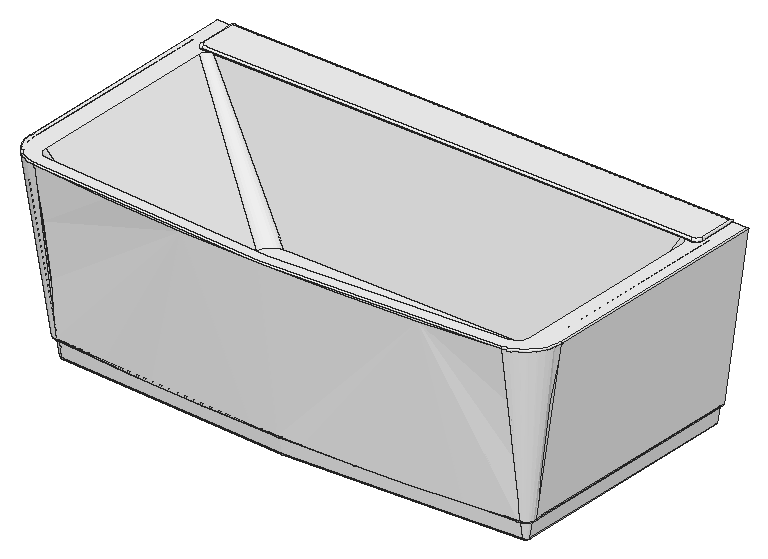
Revit family "xBathtub-American_Standard-Townsend-2691.004", category Plumbing Fixtures, Revit 2014
Parameters (values of type "2691.004")
  Width = 36"  # constant formula
  Waste Connection Radius = 1 3/32"
  Waste Connection Diameter = Waste Connection Radius * 2  # 2 3/16"
  Waste Connection = yes
  Warranty Information = "Limited Lifetime Warranty. 3 Years Commercial."  # constant formula
  WFU = 4  # constant formula
  Vent Connection = no
  URL = "https://www.americanstandard-us.com/"
  Type Comments = "Straight back wall allows for a flush-to-the-wall installation."
  Shipping Weight = 151 lbf
  Product Page URL = "https://www.americanstandard-us.com/bathroom/bathtubs/townsend-freestanding-tub-31890"
  Product Documentation Link = "https://www.americanstandard-us.com/-/media/sites/asus/files/product-specs/bathtubs/2017/specsheet-2691004.pdf?la=en"
  Price = "Prices may vary. Please consult Manufacturer Representative for most up-to-date price list."  # constant formula
  Model = "2691.004"  # constant formula
  Material = "High Gloss Acrylic-American Standard-020-White"  # constant formula
  Manufacturer = "American Standard"  # constant formula
  Length = 67 15/16"  # constant formula
  Installation Type = "Freestanding"  # constant formula
  Height = 24"  # constant formula
  HWFU = 3  # constant formula
  HW Connection = yes
  Description = "American Standard Townsend Freestanding Tub"  # constant formula
  Default Elevation = 0"
  Creation Date = "08/31/2017"  # constant formula
  CWFU = 3  # constant formula
  CW Connection = yes
  Assembly Code = "D2010510"
Reference planes (in)
  plane 1 "Center (Front/Back)": y = 0
  plane 2: z = 0
  plane 3 "Center (Left/Right)": x = 0
  plane 4: x = 33.96875
  plane 5: x = -33.96875
  plane 6: y = -36
  plane 7: z = 24
  plane 8: z = 3.35
  plane 9: z = 6.4375
  plane 10: y = -18
  plane 11: x = 1.09375
  plane 12: x = -1.09375
  plane 13: z = 21.8125
  plane 14: x = -1.5625
  plane 15: x = 1.5625
  plane 16: y = -8
  plane 17: y = -28
  plane 18: y = -4.75
  plane 19: x = 33.53553
  plane 20: x = 30.91053
  plane 21: z = 24.3
  plane 22: x = -30.91053
  plane 23: x = -33.53553
Forms (in)
  Sweep 1, solid, material "High Gloss Acrylic-American Standard-020-White"
    path origin (0, 0, 0) x (1, 0, 0) y (0, 1, 0)
      loop
        line (-29.46875, 4.63748) -> (-29.46875, -29.86252)
        arc (-29.46875, -29.86252) -> (-29.46077, -29.88338) -> (-29.44089, -29.89358) r 0.03125
        arc (-29.44089, -29.89358) -> (0, -31.49725) -> (29.44089, -29.89358) r 271.04629
        arc (29.44089, -29.89358) -> (29.46077, -29.88338) -> (29.46875, -29.86252) r 0.03125
        line (29.46875, -29.86252) -> (29.46875, 4.63748)
    profile origin (-29.46875, -12.61252, 0) x (1, 0, 0) y (0, 0, 1)
      loop
        arc (-4.35, 24) -> (-4.46758, 23.94314) -> (-4.49602, 23.81568) r 0.15
        arc (-4.49602, 23.81568) -> (-2.47449, 13.28697) -> (-1.3254, 2.62771) r 130.29369
        line (-1.3254, 2.62771) -> (-0.625, 2.62771) -> (-0.625, 2.75271) -> (-0.89692, 2.75271)
        arc (-0.89692, 2.75271) -> (-2.09533, 13.24524) -> (-4.09675, 23.61459) r 137.2827
        arc (-4.09675, 23.61459) -> (-4.05632, 23.79471) -> (-3.89009, 23.875) r 0.21221
        line (-3.89009, 23.875) -> (-3, 23.875) -> (-3, 24) -> (-4.35, 24)
  Sweep 2, solid, material "High Gloss Acrylic-American Standard-020-White"
    path origin (0, 0, 0) x (1, 0, 0) y (0, 1, 0)
      loop
        line (30.79415, 4.63748) -> (30.79415, -29.86252)
        arc (30.79415, -29.86252) -> (30.44755, -30.76822) -> (29.58486, -31.21114) r 1.35665
        arc (29.58486, -31.21114) -> (0, -32.82265) -> (-29.58486, -31.21114) r 272.37169
        arc (-29.58486, -31.21114) -> (-30.44755, -30.76822) -> (-30.79415, -29.86252) r 1.35665
        line (-30.79415, -29.86252) -> (-30.79415, 4.63748)
    profile origin (0, -32.82265, 0) x (0, -1, 0) y (0, 0, 1)
      loop
        line (-0.81507, 0.20659) -> (-0.46641, 2.18396)
        arc (-0.46641, 2.18396) -> (-0.37281, 2.35381) -> (-0.19486, 2.43092) r 0.3
        arc (-0.19486, 2.43092) -> (-0.06092, 2.49316) -> (0, 2.62771) r 0.21228
        line (0, 2.62771) -> (-1.13515, 2.62771) -> (-1.13515, 0) -> (-1.06127, 0)
        arc (-1.06127, 0) -> (-0.90058, 0.05849) -> (-0.81507, 0.20659) r 0.25
  Blend 3, void
    base sketch origin (0, 0, 0) x (1, 0, 0) y (0, 1, 0)
      loop
        line (18.96875, -8) -> (-18.96875, -8)
        arc (-18.96875, -8) -> (-20.38296, -8.58579) -> (-20.96875, -10) r 2
        line (-20.96875, -10) -> (-20.96875, -26)
        arc (-20.96875, -26) -> (-20.38296, -27.41421) -> (-18.96875, -28) r 2
        line (-18.96875, -28) -> (18.96875, -28)
        arc (18.96875, -28) -> (20.38296, -27.41421) -> (20.96875, -26) r 2
        line (20.96875, -26) -> (20.96875, -10)
        arc (20.96875, -10) -> (20.38296, -8.58579) -> (18.96875, -8) r 2
    top sketch origin (0, 0, 0) x (1, 0, 0) y (0, 1, 0)
      loop
        arc (-29.91053, -5.68159) -> (-30.61764, -5.97448) -> (-30.91053, -6.68159) r 1
        line (-30.91053, -6.68159) -> (-30.91053, -31.15796)
        arc (-30.91053, -31.15796) -> (-30.53428, -32.15154) -> (-29.59427, -32.64666) r 1.5
        arc (-29.59427, -32.64666) -> (0, -34.466) -> (29.59427, -32.64666) r 241.60691
        arc (29.59427, -32.64666) -> (30.53428, -32.15154) -> (30.91053, -31.15796) r 1.5
        line (30.91053, -31.15796) -> (30.91053, -6.68159)
        arc (30.91053, -6.68159) -> (30.61764, -5.97448) -> (29.91053, -5.68159) r 1
        line (29.91053, -5.68159) -> (-29.91053, -5.68159)
    from 6.4375 to 24
  Extrusion 4, solid, material "High Gloss Acrylic-American Standard-020-White"
    sketch origin (0, 0, 0) x (1, 0, 0) y (0, 1, 0)
      loop
        arc (-29.46156, -30.0827) -> (0, -31.6875) -> (29.46156, -30.0827) r 271.23654
        arc (29.46156, -30.0827) -> (29.60241, -30.01039) -> (29.659, -29.86252) r 0.2215
        line (29.659, -29.86252) -> (29.659, 0) -> (-29.659, 0) -> (-29.659, -29.86252)
        arc (-29.659, -29.86252) -> (-29.60241, -30.01039) -> (-29.46156, -30.0827) r 0.2215
    from 0 to 2.62771
  Revolve 5, void
    sketch origin (0, -18, 0) x (1, 0, 0) y (0, 0, 1)
      loop
        arc (1.09375, 5.80656) -> (1.12262, 5.89483) -> (1.19807, 5.94899) r 0.1494
        arc (1.19807, 5.94899) -> (1.29571, 6.01965) -> (1.33185, 6.13463) r 0.19165
        arc (1.33185, 6.13463) -> (1.41759, 6.34851) -> (1.63013, 6.4375) r 0.29831
        line (1.63013, 6.4375) -> (0, 6.4375) -> (0, 0) -> (1.09375, 0) -> (1.09375, 5.80656)
      axis (0, 6.4375) -> (0, 0)
    angle from 0 to 360
  Extrusion 6, void
    sketch origin (0, 0, 0) x (1, 0, 0) y (0, 0, 1)
      loop
        line (1.3125, 22.0625) -> (-1.3125, 22.0625)
        arc (-1.3125, 22.0625) -> (-1.5625, 21.8125) -> (-1.3125, 21.5625) r 0.25
        line (-1.3125, 21.5625) -> (1.3125, 21.5625)
        arc (1.3125, 21.5625) -> (1.5625, 21.8125) -> (1.3125, 22.0625) r 0.25
    from 32.33355 to 34.22201
  Extrusion 7, solid, material "High Gloss Acrylic-American Standard-020-White"
    sketch origin (-102, 0, 0) x (1, 0, 0) y (0, 1, 0)
      loop
        arc (69.53125, -29.86252) -> (70.30567, -31.88618) -> (72.23325, -32.87583) r 3.03125
        arc (72.23325, -32.87583) -> (102, -34.49725) -> (131.76675, -32.87583) r 274.04629
        arc (131.76675, -32.87583) -> (133.69433, -31.88618) -> (134.46875, -29.86252) r 3.03125
        line (134.46875, -29.86252) -> (134.46875, 4.625) -> (69.53125, 4.625) -> (69.53125, -29.86252)
    from 21.8125 to 24
  Blend 8, solid, material "High Gloss Acrylic-American Standard-020-White"
    base sketch origin (0, 0, 0) x (1, 0, 0) y (0, 1, 0)
      loop
        line (30.09375, -29.86252) -> (30.09375, 4.63748) -> (-30.09375, 4.63748) -> (-30.09375, -29.86252)
        arc (-30.09375, -29.86252) -> (-29.92609, -30.30063) -> (-29.50878, -30.51489) r 0.65625
        arc (-29.50878, -30.51489) -> (0, -32.12225) -> (29.50878, -30.51489) r 271.67129
        arc (29.50878, -30.51489) -> (29.92609, -30.30063) -> (30.09375, -29.86252) r 0.65625
    top sketch origin (0, 0, 0) x (1, 0, 0) y (0, 1, 0)
      loop
        arc (-32.46875, -29.86252) -> (-31.69433, -31.88618) -> (-29.76675, -32.87583) r 3.03125
        arc (-29.76675, -32.87583) -> (0, -34.49725) -> (29.76675, -32.87583) r 274.04629
        arc (29.76675, -32.87583) -> (31.69433, -31.88618) -> (32.46875, -29.86252) r 3.03125
        line (32.46875, -29.86252) -> (32.46875, 4.625) -> (-32.46875, 4.625) -> (-32.46875, -29.86252)
    from 2.62771 to 21.8125
  Extrusion 9, void
    sketch origin (0, 0, 0) x (0, 1, 0) y (0, 0, 1)
      loop
        line (0, -0.25) -> (4.69599, -0.25) -> (4.69599, 24.37678) -> (0, 24.37678) -> (0, -0.25)
    from 34.02378 to -34.01556
  Sweep 10, solid, material "High Gloss Acrylic-American Standard-020-White"
    path origin (0, 0, 0) x (1, 0, 0) y (0, 1, 0)
      loop
        line (-32.03198, 4.63748) -> (-32.03198, -4.93159)
        arc (-32.03198, -4.93159) -> (-31.81231, -5.46192) -> (-31.28198, -5.68159) r 0.75
        line (-31.28198, -5.68159) -> (31.28198, -5.68159)
        arc (31.28198, -5.68159) -> (31.81231, -5.46192) -> (32.03198, -4.93159) r 0.75
        line (32.03198, -4.93159) -> (32.03198, 4.63748)
    profile origin (-32.03198, -0.14705, 0) x (1, 0, 0) y (0, 0, 1)
      loop
        line (0, 24.05) -> (0, 24) -> (0.31673, 24) -> (0.31673, 24.3) -> (0.25, 24.3)
        arc (0.25, 24.3) -> (0.07322, 24.22678) -> (0, 24.05) r 0.25
  Extrusion 11, solid, material "High Gloss Acrylic-American Standard-020-White"
    sketch origin (0, 0, 0) x (1, 0, 0) y (0, 1, 0)
      loop
        arc (31.28198, -5.36487) -> (31.58836, -5.23796) -> (31.71526, -4.93159) r 0.43327
        line (31.71526, -4.93159) -> (31.71526, 4.63748) -> (-31.71526, 4.63748) -> (-31.71526, -4.93159)
        arc (-31.71526, -4.93159) -> (-31.58836, -5.23796) -> (-31.28198, -5.36487) r 0.43327
        line (-31.28198, -5.36487) -> (31.28198, -5.36487)
    from 24 to 24.3
  Extrusion 12, solid, material "High Gloss Acrylic-American Standard-020-White"
    sketch origin (0, 0, 0) x (1, 0, 0) y (0, 0, 1)
      loop
        arc (30.36567, 2.75271) -> (31.56408, 13.24524) -> (33.5655, 23.61459) r 137.2827
        arc (33.5655, 23.61459) -> (33.52507, 23.79471) -> (33.35884, 23.875) r 0.21221
        line (33.35884, 23.875) -> (32.46875, 23.875) -> (32.46875, 21.8125) -> (30.10922, 2.75271) -> (30.36567, 2.75271)
      loop
        line (-30.36567, 2.75271) -> (-30.10922, 2.75271) -> (-32.46875, 21.8125) -> (-32.46875, 23.875) -> (-33.35884, 23.875)
        arc (-33.35884, 23.875) -> (-33.52507, 23.79471) -> (-33.5655, 23.61459) r 0.21221
        arc (-33.5655, 23.61459) -> (-31.56408, 13.24524) -> (-30.36567, 2.75271) r 137.2827
    from 0 to 4.36261
  Extrusion 13, void
    sketch origin (0, 0, 0) x (0, 1, 0) y (0, 0, 1)
      loop
        line (0, 24.05) -> (0, 24.3) -> (-0.25, 24.3)
        arc (-0.25, 24.3) -> (-0.07322, 24.22678) -> (0, 24.05) r 0.25
    from -33.96875 to 34.02378
  Extrusion 14, void
    sketch origin (0, -4.63748, 0) x (1, 0, 0) y (0, 0, 1)
      loop
        arc (-3.63607, 21) -> (-4.6452, 20.6098) -> (-5.12931, 19.64221) r 1.5
        line (-5.12931, 19.64221) -> (-6.5, 0) -> (-6.31204, 0) -> (-4.94244, 19.62672)
        arc (-4.94244, 19.62672) -> (-4.51821, 20.47185) -> (-3.63607, 20.8125) r 1.3125
        line (-3.63607, 20.8125) -> (3.63607, 20.8125)
        arc (3.63607, 20.8125) -> (4.51821, 20.47185) -> (4.94244, 19.62672) r 1.3125
        line (4.94244, 19.62672) -> (6.31204, 0) -> (6.5, 0) -> (5.12931, 19.64221)
        arc (5.12931, 19.64221) -> (4.6452, 20.6098) -> (3.63607, 21) r 1.5
        line (3.63607, 21) -> (-3.63607, 21)
    from -4.63748 to -3.75435
Cuts and joins
  Blend 3, Revolve 5, Extrusion 6, Extrusion 9, Extrusion 13, Extrusion 14 cuts Sweep 1
  Revolve 5, Extrusion 6, Extrusion 9, Extrusion 13, Extrusion 14 cuts Sweep 2
  Revolve 5, Extrusion 6, Extrusion 9, Extrusion 13, Extrusion 14 cuts Extrusion 4
  Blend 3, Revolve 5, Extrusion 6, Extrusion 9, Extrusion 13, Extrusion 14 cuts Extrusion 7
  Blend 3, Revolve 5, Extrusion 6, Extrusion 9, Extrusion 13, Extrusion 14 cuts Blend 8
  Revolve 5, Extrusion 9, Extrusion 13, Extrusion 14 cuts Sweep 10
  Revolve 5, Extrusion 9, Extrusion 13, Extrusion 14 cuts Extrusion 11
  Extrusion 13, Extrusion 14 cuts Extrusion 12
  joined: Sweep 1, Sweep 2, Extrusion 4, Extrusion 7, Blend 8, Sweep 10, Extrusion 11, Extrusion 12
Lines and regions (in)
  Masking region 1
    outline origin (0, 0, 0) x (1, 0, 0) y (0, 1, 0)
      loop
        arc (-33.96875, -29.91159) -> (-32.85233, -32.84043) -> (-30.06961, -34.28299) r 4.4
        arc (-30.06961, -34.28299) -> (0.00071, -36) -> (30.07102, -34.28283) r 264.15932
        arc (30.07102, -34.28283) -> (32.85273, -32.84077) -> (33.96875, -29.91298) r 4.39844
        line (33.96875, -29.91298) -> (33.96875, 0) -> (-33.96875, 0) -> (-33.96875, -29.91159)
  symbolic lines, detail levels medium+fine
    curve 1: arc (-30.91053, -6.68159, 0) -> (-30.61764, -5.97448, 0) -> (-29.91053, -5.68159, 0) r 1
    curve 2: line (-30.91053, -6.68159, 0) -> (-30.91053, -31.15796, 0)
    curve 3: arc (-29.59427, -32.64666, 0) -> (-30.53428, -32.15154, 0) -> (-30.91053, -31.15796, 0) r 1.5
    curve 4: arc (29.59427, -32.64666, 0) -> (0, -34.466, 0) -> (-29.59427, -32.64666, 0) r 241.60691
    curve 5: arc (30.91053, -31.15796, 0) -> (30.53428, -32.15154, 0) -> (29.59427, -32.64666, 0) r 1.5
    curve 6: line (30.91053, -6.68159, 0) -> (30.91053, -31.15796, 0)
    curve 7: arc (29.91053, -5.68159, 0) -> (30.61764, -5.97448, 0) -> (30.91053, -6.68159, 0) r 1
    curve 8: line (-29.91053, -5.68159, 0) -> (29.91053, -5.68159, 0)
    curve 17: circle (0, -18, 0) r 1.09375 normal (0, 0, 1)
  symbolic lines, detail levels fine
    curve 9: line (18.96875, -8, 0) -> (-18.96875, -8, 0)
    curve 10: arc (-18.96875, -8, 0) -> (-20.38296, -8.58579, 0) -> (-20.96875, -10, 0) r 2
    curve 11: line (-20.96875, -10, 0) -> (-20.96875, -26, 0)
    curve 12: arc (-20.96875, -26, 0) -> (-20.38296, -27.41421, 0) -> (-18.96875, -28, 0) r 2
    curve 13: line (-18.96875, -28, 0) -> (18.96875, -28, 0)
    curve 14: arc (18.96875, -28, 0) -> (20.38296, -27.41421, 0) -> (20.96875, -26, 0) r 2
    curve 15: line (20.96875, -26, 0) -> (20.96875, -10, 0)
    curve 16: arc (20.96875, -10, 0) -> (20.38296, -8.58579, 0) -> (18.96875, -8, 0) r 2
    curve 18: circle (0, -18, 0) r 1.5 normal (0, 0, 1)
    curve 19: line (-32.03198, 0, 0) -> (-32.03198, -4.93159, 0)
    curve 20: arc (-32.03198, -4.93159, 0) -> (-31.81231, -5.46192, 0) -> (-31.28198, -5.68159, 0) r 0.75
    curve 21: line (-31.28198, -5.68159, 0) -> (-29.91053, -5.68159, 0)
    curve 22: line (32.03198, 0, 0) -> (32.03198, -4.93159, 0)
    curve 23: arc (32.03198, -4.93159, 0) -> (31.81231, -5.46192, 0) -> (31.28198, -5.68159, 0) r 0.75
    curve 24: line (31.28198, -5.68159, 0) -> (29.91053, -5.68159, 0)
    curve 25: spline (1.32751, -33.74915, 0) -> (1.39002, -33.74327, 0) -> (1.44712, -33.73245, 0) -> (1.49555, -33.71733, 0) -> (1.53251, -33.69876, 0) -> (1.5559, -33.67782, 0) -> (1.56437, -33.65571, 0) -> (1.55744, -33.63368, 0) -> (1.53549, -33.61301, 0) -> (1.4998, -33.59489, 0) -> (1.45241, -33.58034, 0) -> (1.39603, -33.57021, 0) -> (1.33391, -33.56507, 0)
    curve 26: arc (1.33391, -33.56507, 0) -> (0.00217, -33.56859, 0) -> (-1.32957, -33.5651, 0) r 253.16138
    curve 27: spline (-1.32957, -33.5651, 0) -> (-1.39198, -33.57054, 0) -> (-1.44887, -33.58096, 0) -> (-1.49697, -33.59575, 0) -> (-1.53353, -33.61405, 0) -> (-1.55644, -33.63484, 0) -> (-1.5644, -33.6569, 0) -> (-1.55695, -33.67897, 0) -> (-1.53451, -33.6998, 0) -> (-1.49838, -33.71817, 0) -> (-1.45062, -33.73305, 0) -> (-1.39397, -33.74357, 0) -> (-1.33169, -33.74913, 0)
    curve 28: arc (-1.33169, -33.74913, 0) -> (-0.00209, -33.75267, 0) -> (1.32751, -33.74915, 0) r 250.38639
Dimensions and locks (in)
  "Width": plane 6 to plane 1 "Center (Front/Back)"
  "Length": plane 5 to plane 4
  "Height": plane 7 to level
  plane 7 to plane 9 = 17 9/16"
  plane 7 to plane 13 = 2 3/16"
  plane 14 to plane 15 = 3 1/8"
  plane 16 to plane 17 = 20"
  plane 20 to plane 19 = 2 5/8"
Automatic sketch dimensions
  curve 17 to curve 18 = 0"  (x2)
  plane 1 "Center (Front/Back)" to curve 19 = 0"
  curve 3 to plane 22 = 0"
  curve 9 to plane 16 = 0"
  plane 17 to curve 12 = 0"
  curve 4 to plane 3 "Center (Left/Right)" = 0"
  curve 17 to plane 3 "Center (Left/Right)" = 0"
  curve 26 to plane 3 "Center (Left/Right)" = 0"
  curve 28 to plane 3 "Center (Left/Right)" = 0"
  curve 5 to plane 20 = 0"
  plane 1 "Center (Front/Back)" to curve 22 = 0"
  curve 17 to plane 10 = 0"
  plane 22 to curve 21 = 0.37145"
  curve 19 to curve 20 = 3/4"
  curve 21 to plane 22 = 1"
  curve 3 to curve 3 = 1 1/2"
  curve 11 to plane 17 = 2"
  curve 3 to curve 11 = 8.44178"
  curve 11 to curve 9 = 2"
  curve 16 to plane 16 = 2"
  curve 16 to plane 20 = 11.94178"
  curve 14 to curve 14 = 2"
  curve 5 to curve 5 = 1 1/2"
  curve 7 to curve 6 = 1"
  plane 20 to curve 24 = 0.37145"
  curve 23 to curve 22 = 3/4"
  plane 17 to curve 2 = 3.15796"
  plane 17 to curve 6 = 3.15796"
  plane 16 to curve 6 = 1.31841"
  curve 4 to plane 1 "Center (Front/Back)" = 207.1409"
  curve 4 to curve 28 = 9.49281"
  curve 28 to curve 26 = 2.95907"
  curve 4 to curve 3 = 0"
  plane 14 to curve 27 = 0.00191"
  curve 28 to plane 14 = 0.23081"
  curve 27 to curve 27 = 0.00212"
  curve 26 to curve 27 = 0.03382"
  curve 25 to plane 15 = 0.26675"
  curve 25 to curve 25 = 0.03176"
  curve 25 to curve 25 = 0.03815"
  plane 15 to curve 25 = 0.00189"
  curve 26 to plane 6 = 2.43493"
  curve 25 to curve 26 = 0.08915"
  Sweep 1 sketch curve to plane 3 "Center (Left/Right)" = 0"
  Sweep 1 sketch curve to plane 22 = 1.47303"
  Sweep 1 sketch curve to Sweep 1 sketch curve = 1/32"  (x2)
  Sweep 1 sketch curve to plane 20 = 1.47303"
  plane 17 to Sweep 1 sketch curve = 1.86252"  (x2)
  Sweep 1 sketch curve to plane 1 "Center (Front/Back)" = 239.54904"
  Sweep 1 sketch curve to Sweep 1 sketch curve = 0"
  Sweep 1 sketch curve to plane 1 "Center (Front/Back)" = 4.63748"  (x2)
  Sweep 1 sketch curve to level = 7.56803"
  profile plane to Sweep 1 sketch curve = 137.79113"
  Sweep 1 sketch curve to Sweep 1 sketch curve = 6.45772"
  profile plane to Sweep 1 sketch curve = 4.35"
  Sweep 1 sketch curve to Sweep 1 sketch curve = 0.45991"
  Sweep 1 sketch curve to Sweep 1 sketch curve = 0.89009"
  profile plane to Sweep 1 sketch curve = 1.3254"
  Sweep 1 sketch curve to Sweep 1 sketch curve = 0.42848"
  Sweep 1 sketch curve to Sweep 1 sketch curve = 0.27192"
  Sweep 1 sketch curve to level = 5.99579"
  level to Sweep 1 sketch curve = 2.62771"
  Sweep 1 sketch curve to Sweep 1 sketch curve = 1/8"  (x2)
  Sweep 1 sketch curve to Sweep 1 sketch curve = 20.91008"
  Sweep 1 sketch curve to Sweep 1 sketch curve = 0.23541"
  Sweep 1 sketch curve to Sweep 1 sketch curve = 0.21221"
  Sweep 2 sketch curve to plane 3 "Center (Left/Right)" = 0"
  Sweep 2 sketch curve to plane 22 = 1.47303"
  Sweep 2 sketch curve to plane 22 = 0.11638"
  Sweep 2 sketch curve to plane 20 = 1.47303"
  Sweep 2 sketch curve to plane 20 = 0.11638"
  plane 17 to Sweep 2 sketch curve = 1.86252"  (x2)
  Sweep 2 sketch curve to plane 1 "Center (Front/Back)" = 239.54904"
  Sweep 2 sketch curve to Sweep 2 sketch curve = 0"
  Sweep 2 sketch curve to plane 1 "Center (Front/Back)" = 4.63748"  (x2)
  Sweep 2 sketch curve to level = 0"
  Sweep 2 sketch curve to profile plane = 0"
  profile plane to Sweep 2 sketch curve = 0.17097"
  profile plane to Sweep 2 sketch curve = 0.21177"
  Sweep 2 sketch curve to Sweep 2 sketch curve = 0.29544"
  level to Sweep 2 sketch curve = 0.20659"
  profile plane to Sweep 2 sketch curve = 0.81507"
  Sweep 2 sketch curve to Sweep 2 sketch curve = 0.2462"
  Sweep 2 sketch curve to Sweep 2 sketch curve = 0.66875"
  Sweep 2 sketch curve to Sweep 2 sketch curve = 1.92528"
  Sweep 2 sketch curve to Sweep 2 sketch curve = 0.05209"
  Sweep 2 sketch curve to Sweep 2 sketch curve = 0.44375"
  Sweep 2 sketch curve to Sweep 2 sketch curve = 0.01481"
  Blend 3 sketch curve to plane 16 = 0"
  plane 17 to Blend 3 sketch curve = 0"
  Blend 3 sketch curve to plane 16 = 2"
  Blend 3 sketch curve to plane 22 = 9.94178"
  Blend 3 sketch curve to Blend 3 sketch curve = 2"  (x2)
  Blend 3 sketch curve to plane 20 = 11.94178"  (x2)
  Blend 3 sketch curve to plane 22 = 0"
  Blend 3 sketch curve to plane 3 "Center (Left/Right)" = 0"
  Blend 3 sketch curve to plane 20 = 0"
  Blend 3 sketch curve to Blend 3 sketch curve = 1"  (x2)
  Blend 3 sketch curve to Blend 3 sketch curve = 1 1/2"  (x2)
  plane 17 to Blend 3 sketch curve = 3.15796"  (x2)
  plane 16 to Blend 3 sketch curve = 1.31841"
  Blend 3 sketch curve to plane 1 "Center (Front/Back)" = 207.1409"
  Blend 3 sketch curve to Blend 3 sketch curve = 0"
  plane 1 "Center (Front/Back)" to Extrusion 4 sketch curve = 0"
  Extrusion 4 sketch curve to plane 3 "Center (Left/Right)" = 0"
  Extrusion 4 sketch curve to plane 22 = 1.47303"
  Extrusion 4 sketch curve to plane 22 = 1.25154"
  Extrusion 4 sketch curve to plane 20 = 1.47303"
  Extrusion 4 sketch curve to plane 20 = 1.25154"
  plane 17 to Extrusion 4 sketch curve = 1.86252"  (x2)
  Extrusion 4 sketch curve to plane 1 "Center (Front/Back)" = 239.54904"
  Extrusion 4 sketch curve to Extrusion 4 sketch curve = 0"
  Revolve 5 sketch curve to plane 3 "Center (Left/Right)" = 0"  (x2)
  Revolve 5 sketch curve to level = 0"
  Revolve 5 sketch curve to plane 11 = 0"
  Revolve 5 sketch curve to plane 9 = 0"
  plane 11 to Revolve 5 sketch curve = 0.04648"
  Revolve 5 sketch curve to Revolve 5 sketch curve = 0.1494"
  plane 15 to Revolve 5 sketch curve = 0.06763"
  plane 9 to Revolve 5 sketch curve = 0.63094"
  plane 9 to Revolve 5 sketch curve = 0.3058"
  plane 9 to Revolve 5 sketch curve = 0.29831"
  Revolve 5 sketch curve to Revolve 5 sketch curve = 0"
  plane 8 to Revolve 5 sketch curve = 1.4125"
  Revolve 5 sketch curve to Revolve 5 sketch curve = 3/4"
  Extrusion 6 sketch curve to plane 13 = 0"
  Extrusion 6 sketch curve to plane 14 = 1/4"
  Extrusion 6 sketch curve to plane 15 = 1/4"
  plane 13 to Extrusion 6 sketch curve = 1/4"
  Extrusion 7 sketch curve to plane 3 "Center (Left/Right)" = 0"
  Extrusion 7 sketch curve to plane 22 = 1.47303"
  Extrusion 7 sketch curve to plane 23 = 1.06678"
  Extrusion 7 sketch curve to plane 20 = 1.47303"
  Extrusion 7 sketch curve to plane 19 = 1.06678"
  plane 17 to Extrusion 7 sketch curve = 1.86252"  (x2)
  Extrusion 7 sketch curve to plane 1 "Center (Front/Back)" = 4 5/8"
  Extrusion 7 sketch curve to Extrusion 7 sketch curve = 234.92404"
  Extrusion 7 sketch curve to Extrusion 7 sketch curve = 0"
  Blend 8 sketch curve to plane 3 "Center (Left/Right)" = 0"  (x2)
  Blend 8 sketch curve to plane 22 = 1.47303"  (x2)
  Blend 8 sketch curve to plane 22 = 0.81678"
  Blend 8 sketch curve to plane 20 = 1.47303"  (x2)
  Blend 8 sketch curve to Blend 8 sketch curve = 21/32"
  plane 17 to Blend 8 sketch curve = 1.86252"  (x4)
  Blend 8 sketch curve to plane 1 "Center (Front/Back)" = 4.63748"
  Blend 8 sketch curve to Blend 8 sketch curve = 234.91156"
  Blend 8 sketch curve to Blend 8 sketch curve = 0"  (x2)
  Blend 8 sketch curve to plane 23 = 1.06678"
  Blend 8 sketch curve to plane 19 = 1.06678"
  Blend 8 sketch curve to plane 1 "Center (Front/Back)" = 4 5/8"
  Blend 8 sketch curve to Blend 8 sketch curve = 234.92404"
  Extrusion 9 sketch curve to plane 1 "Center (Front/Back)" = 0"
  Extrusion 9 sketch curve to level = 1/4"
  Extrusion 9 sketch curve to Extrusion 9 sketch curve = 4.69599"
  plane 7 to Extrusion 9 sketch curve = 0.37678"
  plane 22 to Sweep 10 sketch curve = 1.12145"
  plane 22 to Sweep 10 sketch curve = 0.37145"
  plane 20 to Sweep 10 sketch curve = 0.37145"
  Sweep 10 sketch curve to Sweep 10 sketch curve = 3/4"
  plane 16 to Sweep 10 sketch curve = 2.31841"
  Sweep 10 sketch curve to plane 1 "Center (Front/Back)" = 4.63748"  (x2)
  profile plane to Sweep 10 sketch curve = 0"
  Sweep 10 sketch curve to plane 21 = 0"
  Sweep 10 sketch curve to profile plane = 1/4"
  Sweep 10 sketch curve to Sweep 10 sketch curve = 0.06673"
  Sweep 10 sketch curve to Sweep 10 sketch curve = 0.05"
  plane 22 to Extrusion 11 sketch curve = 0.80472"
  plane 22 to Extrusion 11 sketch curve = 0.37145"
  plane 20 to Extrusion 11 sketch curve = 0.37145"
  Extrusion 11 sketch curve to Extrusion 11 sketch curve = 0.43327"
  plane 16 to Extrusion 11 sketch curve = 2.63513"
  Extrusion 11 sketch curve to plane 1 "Center (Front/Back)" = 4.63748"
  Extrusion 12 sketch curve to plane 13 = 0"  (x2)
  Extrusion 12 sketch curve to level = 7.56803"  (x2)
  plane 5 to Extrusion 12 sketch curve = 133.29113"
  Extrusion 12 sketch curve to plane 23 = 0.17669"
  Extrusion 12 sketch curve to plane 23 = 1.06678"
  Extrusion 12 sketch curve to plane 22 = 0.54486"
  Extrusion 12 sketch curve to Extrusion 12 sketch curve = 0.25645"  (x2)
  Extrusion 12 sketch curve to plane 20 = 0.80131"
  Extrusion 12 sketch curve to plane 7 = 1/8"  (x2)
  Extrusion 12 sketch curve to plane 19 = 1.06678"
  Extrusion 12 sketch curve to plane 19 = 0.17669"
  plane 4 to Extrusion 12 sketch curve = 133.29113"
  plane 8 to Extrusion 12 sketch curve = 0.59729"  (x2)
  Extrusion 12 sketch curve to plane 7 = 0.33721"
  Extrusion 12 sketch curve to Extrusion 12 sketch curve = 0.21221"
  plane 1 "Center (Front/Back)" to Masking region 1 sketch curve = 0"
  Masking region 1 sketch curve to plane 5 = 0"
  Masking region 1 sketch curve to plane 3 "Center (Left/Right)" = 0"
  Masking region 1 sketch curve to plane 4 = 0"
  Masking region 1 sketch curve to plane 22 = 1.34178"
  Masking region 1 sketch curve to plane 20 = 1.34022"
  plane 17 to Masking region 1 sketch curve = 1.91159"
  plane 17 to Masking region 1 sketch curve = 1.91298"
  Masking region 1 sketch curve to plane 1 "Center (Front/Back)" = 228.15932"
  Masking region 1 sketch curve to Masking region 1 sketch curve = 0"
  Extrusion 13 sketch curve to plane 1 "Center (Front/Back)" = 0"  (x2)
  plane 7 to Extrusion 13 sketch curve = 0.05"
  plane 1 "Center (Front/Back)" to Extrusion 13 sketch curve = 1/4"
  Extrusion 13 sketch curve to Extrusion 13 sketch curve = 0"  (x3)
  Extrusion 14 sketch curve to Extrusion 14 sketch curve = 0"  (x4)
  Extrusion 14 sketch curve to level = 0"  (x2)
  plane 14 to Extrusion 14 sketch curve = 4 15/16"
  Extrusion 14 sketch curve to Extrusion 14 sketch curve = 0.18796"  (x2)
  plane 14 to Extrusion 14 sketch curve = 3.56681"
  Extrusion 14 sketch curve to Extrusion 14 sketch curve = 0.18687"  (x2)
  Extrusion 14 sketch curve to Extrusion 14 sketch curve = 1.30637"  (x2)
  plane 13 to Extrusion 14 sketch curve = 13/16"
  plane 15 to Extrusion 14 sketch curve = 2.07357"
  plane 13 to Extrusion 14 sketch curve = 2.18578"
  plane 13 to Extrusion 14 sketch curve = 2.17029"
  plane 15 to Extrusion 14 sketch curve = 4.74954"
  Extrusion 14 sketch curve to Extrusion 14 sketch curve = 1 5/16"
  radius of curve 17 = 1 3/32"
  radius of curve 18 = 1 1/2"
Connectors (in)
  piping at (0, -18, 0), diameter 2.1875, driven by "WFU", driven by "Waste Connection Diameter"
    settings: on cut or joined group of Sweep 1, Sweep 2, Blend 3, Extrusion 4, Revolve 5, Extrusion 6, Extrusion 7, Blend 8, Extrusion 9, Sweep 10, Extrusion 11, Extrusion 12, Extrusion 13, Extrusion 14, index 1, connector inside diameter 24", connector length 0", flow factor 0, pipe flow 0 GPM, pressure drop 0.00 psi, fitting loss kfactor 0, connector angle 0.00°, fixture units 4, engagement length 0", angle of deflection 0.00°, flow configuration 3, flow direction 2, fitting loss method 0, system type 16, joint type 0, gender type 0, connector reference index -1, connector utility 0, adjustable connector no, is connector primary yes, connector description "2-3/16\" Waste Outlet"
